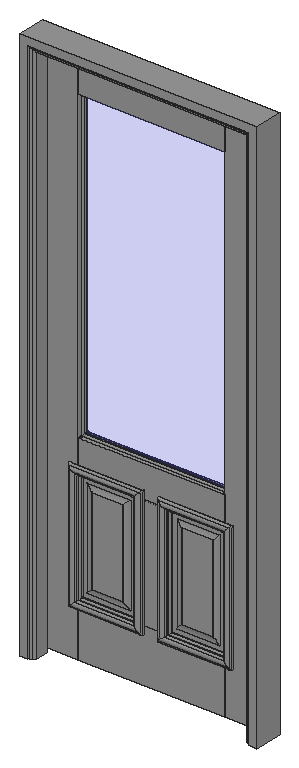
Revit family "H3PHB GTOP", category Doors, host Wall, Revit 2013
Parameters (values of type "H3PHB GTOP")
  Function = Interior
  Frame Projection Ext. = 25 mm
  Frame Projection Int. = 25 mm
  Frame Width = 75 mm
  Height = 2090 mm
  Wall Closure = By host
  Width = 889 mm
Reference planes
  plane 1: y = 0
  plane 2 "Center (Left/Right)": x = 0
  plane 3 "Left": x = -444.5
  plane 4 "Right": x = 444.5
  plane 5: z = 2090
  plane 6 "Exterior": y = 75
  plane 7 "Interior": y = -75
Forms (mm)
  Sweep 1, solid, material "Lauan, Meranti"
    path origin (0, 75, 0) x (1, 0, 0) y (0, 0, 1)
      loop
        line (444.5, 0) -> (444.5, 2090) -> (-444.5, 2090) -> (-444.5, 0)
    profile "Van Acht 105x50 Door Frame Routed Profile (Heavy) : Van Acht 105x50 Door Frame Routed Profile (Heavy)" origin (444.5, 75, 1045) x (-1, 0, 0) y (0, -1, 0)
      loop
        line (0, 22.5) -> (38, 22.5) -> (38, 67.5) -> (50, 67.5) -> (50, 112.5)
        arc (50, 112.5) -> (44.957, 114.29) -> (42.17, 118.859) r 8
        line (42.17, 118.859) -> (39, 118.859)
        arc (39, 118.859) -> (35.311, 122.973) -> (30, 124.5) r 10
        line (30, 124.5) -> (30, 127.5) -> (0, 127.5) -> (0, 22.5)
  Extrusion 2, solid, material "Lauan, Meranti"
    sketch origin (0, -85, 0) x (0, 1, 0) y (0, 0, 1)
      loop
        line (132.5, 20) -> (132.5, 221) -> (130.5, 221)
        arc (130.5, 221) -> (128.866, 225.67) -> (124.5, 228) r 6.807
        line (124.5, 228) -> (124.5, 230) -> (122.5, 230) -> (122.5, 215) -> (102.5, 215) -> (102.5, 230) -> (100.5, 230) -> (100.5, 228)
        arc (100.5, 228) -> (96.134, 225.67) -> (94.5, 221) r 6.807
        line (94.5, 221) -> (92.5, 221) -> (92.5, 20) -> (132.5, 20)
      loop
        line (132.5, 644) -> (132.5, 766) -> (130.5, 766)
        arc (130.5, 766) -> (128.866, 770.67) -> (124.5, 773) r 6.807
        line (124.5, 773) -> (124.5, 775) -> (122.5, 775) -> (122.5, 766) -> (92.5, 766) -> (92.5, 644) -> (94.5, 644)
        arc (94.5, 644) -> (96.134, 639.33) -> (100.5, 637) r 6.807
        line (100.5, 637) -> (100.5, 635) -> (102.5, 635) -> (102.5, 650) -> (122.5, 650) -> (122.5, 635) -> (124.5, 635) -> (124.5, 637)
        arc (124.5, 637) -> (128.866, 639.33) -> (130.5, 644) r 6.807
        line (130.5, 644) -> (132.5, 644)
      loop
        line (130.5, 1921) -> (132.5, 1921) -> (132.5, 2052) -> (92.5, 2052) -> (92.5, 1921) -> (122.5, 1921) -> (122.5, 1912) -> (124.5, 1912) -> (124.5, 1914)
        arc (124.5, 1914) -> (128.866, 1916.33) -> (130.5, 1921) r 6.807
    from -275.5 to 275.5
  Extrusion 3, solid, material "Lauan, Meranti"
    sketch origin (0, 0, 0) x (1, 0, 0) y (0, 1, 0)
      loop
        line (-406.5, 47.5) -> (-406.5, 7.5) -> (-275.5, 7.5) -> (-275.5, 9.5)
        arc (-275.5, 9.5) -> (-270.765, 11.06) -> (-268.5, 15.5) r 6.549
        line (-268.5, 15.5) -> (-266.5, 15.5) -> (-266.5, 17.5) -> (-281.5, 17.5) -> (-281.5, 37.5) -> (-266.5, 37.5) -> (-266.5, 39.5) -> (-268.5, 39.5)
        arc (-268.5, 39.5) -> (-270.765, 43.94) -> (-275.5, 45.5) r 6.549
        line (-275.5, 45.5) -> (-275.5, 47.5) -> (-406.5, 47.5)
      loop
        line (406.5, 47.5) -> (275.5, 47.5) -> (275.5, 45.5)
        arc (275.5, 45.5) -> (270.765, 43.94) -> (268.5, 39.5) r 6.549
        line (268.5, 39.5) -> (266.5, 39.5) -> (266.5, 37.5) -> (281.5, 37.5) -> (281.5, 17.5) -> (266.5, 17.5) -> (266.5, 15.5) -> (268.5, 15.5)
        arc (268.5, 15.5) -> (270.765, 11.06) -> (275.5, 9.5) r 6.549
        line (275.5, 9.5) -> (275.5, 7.5) -> (406.5, 7.5) -> (406.5, 47.5)
    from 20 to 766
  Extrusion 4, solid, material "Lauan, Meranti"
    sketch origin (0, 0, 0) x (1, 0, 0) y (0, 1, 0)
      loop
        line (-406.5, 47.5) -> (-406.5, 7.5) -> (-275.5, 7.5) -> (-275.5, 37.5) -> (-266.5, 37.5) -> (-266.5, 39.5) -> (-268.5, 39.5)
        arc (-268.5, 39.5) -> (-270.765, 43.94) -> (-275.5, 45.5) r 6.549
        line (-275.5, 45.5) -> (-275.5, 47.5) -> (-406.5, 47.5)
      loop
        line (406.5, 47.5) -> (275.5, 47.5) -> (275.5, 45.5)
        arc (275.5, 45.5) -> (270.765, 43.94) -> (268.5, 39.5) r 6.549
        line (268.5, 39.5) -> (266.5, 39.5) -> (266.5, 37.5) -> (275.5, 37.5) -> (275.5, 7.5) -> (406.5, 7.5) -> (406.5, 47.5)
    from 766 to 2052
  Extrusion 5, solid, material "Glass"
    sketch origin (0, -75, 0) x (1, 0, 0) y (0, 0, 1)
      loop
        line (-275.5, 1921) -> (-275.5, 766) -> (275.5, 766) -> (275.5, 1921) -> (-275.5, 1921)
    from -112.5 to -106.1
  Sweep 6, solid, material "Lauan, Meranti"
    path origin (0, -75, 0) x (1, 0, 0) y (0, 0, 1)
      loop
        line (-275.5, 1921) -> (-275.5, 766) -> (275.5, 766) -> (275.5, 1921) -> (-275.5, 1921)
    profile origin (0, -75, 1921) x (0, 0, 1) y (0, -1, 0)
      loop
        line (-9, -106.1) -> (0, -106.1) -> (0, -98.1)
        arc (0, -98.1) -> (-4.67, -99.734) -> (-7, -104.1) r 6.807
        line (-7, -104.1) -> (-9, -104.1) -> (-9, -106.1)
  Extrusion 7, solid, material "Lauan, Meranti"
    sketch origin (0, 0, 0) x (1, 0, 0) y (0, 1, 0)
      loop
        line (61, 47.5) -> (-61, 47.5) -> (-61, 45.5)
        arc (-61, 45.5) -> (-65.735, 43.94) -> (-68, 39.5) r 6.549
        line (-68, 39.5) -> (-70, 39.5) -> (-70, 37.5) -> (-55, 37.5) -> (-55, 17.5) -> (-70, 17.5) -> (-70, 15.5) -> (-68, 15.5)
        arc (-68, 15.5) -> (-65.735, 11.06) -> (-61, 9.5) r 6.549
        line (-61, 9.5) -> (-61, 7.5) -> (61, 7.5) -> (61, 9.5)
        arc (61, 9.5) -> (65.735, 11.06) -> (68, 15.5) r 6.549
        line (68, 15.5) -> (70, 15.5) -> (70, 17.5) -> (55, 17.5) -> (55, 37.5) -> (70, 37.5) -> (70, 39.5) -> (68, 39.5)
        arc (68, 39.5) -> (65.735, 43.94) -> (61, 45.5) r 6.549
        line (61, 45.5) -> (61, 47.5)
    from 221 to 644
  Sweep 8, solid, material "Lauan, Meranti"
    path origin (336.5, 75, 0) x (1, 0, 0) y (0, 0, 1)
      loop
        line (-61, 644) -> (-275.5, 644) -> (-275.5, 221) -> (-61, 221) -> (-61, 644)
    profile origin (168.25, 75, 644) x (0, 0, -1) y (0, -1, 0)
      loop
        line (-4.5, 57.5) -> (-4.5, 37.5) -> (25.727, 37.5)
        arc (25.727, 37.5) -> (37.468, 35.847) -> (48.5, 31.5) r 50.456
        line (48.5, 31.5) -> (48.5, 63.5)
        arc (48.5, 63.5) -> (37.468, 59.153) -> (25.727, 57.5) r 50.456
        line (25.727, 57.5) -> (-4.5, 57.5)
  Extrusion 9, solid, material "Lauan, Meranti"
    sketch origin (336.5, 75, 0) x (1, 0, 0) y (0, 0, 1)
      loop
        line (-109.5, 595.5) -> (-227, 595.5) -> (-227, 269.5) -> (-109.5, 269.5) -> (-109.5, 595.5)
    from 31.5 to 63.5
  Sweep 10, solid, material "Lauan, Meranti"
    path origin (208.394, 75, -1205.291) x (1, 0, 0) y (0, 0, 1)
      loop
        line (67.106, 1849.291) -> (-147.394, 1849.291) -> (-147.394, 1426.291) -> (67.106, 1426.291) -> (67.106, 1849.291)
    profile origin (168.25, 75, 644) x (0, 0, -1) y (0, -1, 0)
      loop
        arc (-31, 24) -> (-29.096, 19.404) -> (-24.5, 17.5) r 6.5
        arc (-24.5, 17.5) -> (-15.5, 13.5) -> (-6.5, 17.5) r 12.125
        arc (-6.5, 17.5) -> (-1.904, 19.404) -> (0, 24) r 6.5
        line (0, 24) -> (0, 27.5) -> (-31, 27.5) -> (-31, 24)
  Sweep 11, solid, material "Lauan, Meranti"
    path origin (208.394, -20, -1205.291) x (1, 0, 0) y (0, 0, -1)
      loop
        line (67.106, -1849.291) -> (67.106, -1426.291) -> (-147.394, -1426.291) -> (-147.394, -1849.291) -> (67.106, -1849.291)
    profile origin (168.25, -20, 644) x (0, 0, 1) y (0, 1, 0)
      loop
        line (31, 24) -> (31, 27.5) -> (0, 27.5) -> (0, 24)
        arc (0, 24) -> (1.904, 19.404) -> (6.5, 17.5) r 6.5
        arc (6.5, 17.5) -> (15.5, 13.5) -> (24.5, 17.5) r 12.125
        arc (24.5, 17.5) -> (29.096, 19.404) -> (31, 24) r 6.5
  Sweep 12, solid, material "Lauan, Meranti"
    path origin (0, 75, 0) x (1, 0, 0) y (0, 0, 1)
      loop
        line (-61, 644) -> (-275.5, 644) -> (-275.5, 221) -> (-61, 221) -> (-61, 644)
    profile origin (-168.25, 75, 644) x (0, 0, -1) y (0, -1, 0)
      loop
        line (-4.5, 57.5) -> (-4.5, 37.5) -> (25.727, 37.5)
        arc (25.727, 37.5) -> (37.468, 35.847) -> (48.5, 31.5) r 50.456
        line (48.5, 31.5) -> (48.5, 63.5)
        arc (48.5, 63.5) -> (37.468, 59.153) -> (25.727, 57.5) r 50.456
        line (25.727, 57.5) -> (-4.5, 57.5)
  Extrusion 13, solid, material "Lauan, Meranti"
    sketch origin (0, 75, 0) x (1, 0, 0) y (0, 0, 1)
      loop
        line (-109.5, 595.5) -> (-227, 595.5) -> (-227, 269.5) -> (-109.5, 269.5) -> (-109.5, 595.5)
    from 31.5 to 63.5
  Sweep 14, solid, material "Lauan, Meranti"
    path origin (-128.106, 75, -1205.291) x (1, 0, 0) y (0, 0, 1)
      loop
        line (67.106, 1849.291) -> (-147.394, 1849.291) -> (-147.394, 1426.291) -> (67.106, 1426.291) -> (67.106, 1849.291)
    profile origin (-168.25, 75, 644) x (0, 0, -1) y (0, -1, 0)
      loop
        arc (-31, 24) -> (-29.096, 19.404) -> (-24.5, 17.5) r 6.5
        arc (-24.5, 17.5) -> (-15.5, 13.5) -> (-6.5, 17.5) r 12.125
        arc (-6.5, 17.5) -> (-1.904, 19.404) -> (0, 24) r 6.5
        line (0, 24) -> (0, 27.5) -> (-31, 27.5) -> (-31, 24)
  Sweep 15, solid, material "Lauan, Meranti"
    path origin (-128.106, -20, -1205.291) x (1, 0, 0) y (0, 0, -1)
      loop
        line (67.106, -1849.291) -> (67.106, -1426.291) -> (-147.394, -1426.291) -> (-147.394, -1849.291) -> (67.106, -1849.291)
    profile origin (-168.25, -20, 644) x (0, 0, 1) y (0, 1, 0)
      loop
        line (31, 24) -> (31, 27.5) -> (0, 27.5) -> (0, 24)
        arc (0, 24) -> (1.904, 19.404) -> (6.5, 17.5) r 6.5
        arc (6.5, 17.5) -> (15.5, 13.5) -> (24.5, 17.5) r 12.125
        arc (24.5, 17.5) -> (29.096, 19.404) -> (31, 24) r 6.5
Cuts and joins
  joined: Extrusion 3, Extrusion 4
Lines and regions (mm)
  Opening 1
    outline origin (-3050, -75, 0) x (1, 0, 0) y (0, 0, 1)
      loop
        line (2605.5, 0) -> (3494.5, 0) -> (3494.5, 2090) -> (2605.5, 2090) -> (2605.5, 0)
  symbolic lines, style "Elevation Swing"
    curve 1: line (444.5, -75, 1045) -> (-444.5, -75, 2090)
    curve 2: line (444.5, -75, 1045) -> (-444.5, -75, 0)
  model lines
    curve 3: line (406.5, 52.5, 0) -> (406.5, 865.5, 0)
    curve 4: arc (-406.5, 52.5, 0) -> (-168.378, 627.378, 0) -> (406.5, 865.5, 0) r 813
Text (mm)
  text "Exterior" at (-2295.016, 1099.543, 0), in view "Ref. Level"
  text "Exterior" at (0, 1615.38, 3698.081), in view "Left"
  text "Exterior" at (0, 1036.032, 3874.932), in view "Right"
Dimensions and locks
  equal spacing: plane 3 "Left", plane 2 "Center (Left/Right)", plane 4 "Right"
  "Width": plane 3 "Left" to plane 4 "Right"
  "Height": plane 5 to host wall
  equal spacing: host wall, curve 2, plane 5
  host wall to plane 5 = 2090 mm
  locked: plane 6 "Exterior" to host wall at 0
  locked: plane 7 "Interior" to host wall
  plane 3 "Left" to plane 4 "Right" = 889 mm
  Sweep 1 to Sweep 1 = 813 mm
  Extrusion 3 to Sweep 1 = 2032 mm
  aligned and locked: plane 3 "Left" to Opening 1 sketch curve
  aligned and locked: plane 5 to Opening 1 sketch curve  (x2)
  aligned and locked: Opening 1 sketch curve to plane 4 "Right"
  aligned and locked: Opening 1 sketch curve to level
  aligned and locked: plane 5 to curve 1
  aligned and locked: plane 3 "Left" to curve 2
  aligned and locked: plane 1 to host wall
  aligned and locked: plane 3 "Left" to curve 1
Automatic sketch dimensions
  plane 4 "Right" to curve 2 = 0 mm
  curve 2 to level = 0 mm
  plane 3 "Left" to Sweep 1 sketch curve = 0 mm
  plane 4 "Right" to Sweep 1 sketch curve = 0 mm
  Sweep 1 sketch curve to plane 5 = 0 mm
  Sweep 1 sketch curve to level = 0 mm  (x2)
  Extrusion 2 sketch curve to host wall = 7.5 mm  (x3)
  level to Extrusion 2 sketch curve = 20 mm
  Extrusion 2 sketch curve to Extrusion 2 sketch curve = 2 mm  (x17)
  Extrusion 2 sketch curve to Extrusion 2 sketch curve = 6 mm  (x6)
  Extrusion 2 sketch curve to Extrusion 2 sketch curve = 30 mm  (x2)
  Extrusion 2 sketch curve to Extrusion 2 sketch curve = 20 mm  (x2)
  Extrusion 2 sketch curve to Extrusion 2 sketch curve = 8 mm  (x2)
  Extrusion 2 sketch curve to Extrusion 2 sketch curve = 1.197 mm  (x6)
  Extrusion 2 sketch curve to Extrusion 2 sketch curve = 195 mm
  Extrusion 2 sketch curve to Extrusion 2 sketch curve = 7 mm  (x6)
  Extrusion 2 sketch curve to Extrusion 2 sketch curve = 405 mm
  Extrusion 2 sketch curve to Extrusion 2 sketch curve = 0 mm  (x2)
  Extrusion 2 sketch curve to Extrusion 2 sketch curve = 6.241 mm
  Extrusion 2 sketch curve to Extrusion 2 sketch curve = 116 mm
  plane 5 to Extrusion 2 sketch curve = 178 mm
  Extrusion 2 sketch curve to Extrusion 2 sketch curve = 0.241 mm
  plane 5 to Extrusion 2 sketch curve = 38 mm
  Extrusion 3 sketch curve to host wall = 7.5 mm  (x2)
  Extrusion 3 sketch curve to plane 3 "Left" = 38 mm
  Extrusion 3 sketch curve to host wall = 37.5 mm  (x2)
  Extrusion 3 sketch curve to Extrusion 3 sketch curve = 125 mm
  Extrusion 3 sketch curve to Extrusion 3 sketch curve = 6 mm  (x7)
  Extrusion 3 sketch curve to Extrusion 3 sketch curve = 7 mm  (x4)
  Extrusion 3 sketch curve to Extrusion 3 sketch curve = 2 mm  (x11)
  plane 4 "Right" to Extrusion 3 sketch curve = 178 mm
  Extrusion 3 sketch curve to Extrusion 3 sketch curve = 0 mm
  plane 4 "Right" to Extrusion 3 sketch curve = 38 mm
  Extrusion 3 sketch curve to Extrusion 3 sketch curve = 0.473 mm  (x3)
  Extrusion 3 sketch curve to Extrusion 3 sketch curve = 6.527 mm
  Extrusion 3 sketch curve to Extrusion 3 sketch curve = 1.468 mm
  plane 4 "Right" to curve 3 = 38 mm
  host wall to curve 3 = 790.5 mm
  curve 4 to host wall = 22.5 mm
  curve 3 to curve 4 = 0 mm
  Extrusion 4 sketch curve to host wall = 7.5 mm  (x2)
  Extrusion 4 sketch curve to plane 3 "Left" = 38 mm
  Extrusion 4 sketch curve to host wall = 37.5 mm  (x2)
  Extrusion 4 sketch curve to Extrusion 4 sketch curve = 131 mm
  Extrusion 4 sketch curve to Extrusion 4 sketch curve = 0 mm
  Extrusion 4 sketch curve to Extrusion 4 sketch curve = 7 mm  (x2)
  Extrusion 4 sketch curve to Extrusion 4 sketch curve = 2 mm  (x5)
  plane 4 "Right" to Extrusion 4 sketch curve = 178 mm
  Extrusion 4 sketch curve to Extrusion 4 sketch curve = 9 mm
  plane 4 "Right" to Extrusion 4 sketch curve = 38 mm
  Extrusion 4 sketch curve to Extrusion 4 sketch curve = 0.473 mm  (x2)
  Extrusion 4 sketch curve to Extrusion 4 sketch curve = 8 mm  (x2)
  Extrusion 4 sketch curve to host wall = 27.5 mm
  Extrusion 5 sketch curve to plane 2 "Center (Left/Right)" = 275.5 mm
  level to Extrusion 5 sketch curve = 766 mm
  plane 4 "Right" to Extrusion 5 sketch curve = 169 mm
  plane 5 to Extrusion 5 sketch curve = 169 mm
  profile plane to Sweep 6 sketch curve = 0 mm
  profile plane to Sweep 6 sketch curve = 9 mm
  Sweep 6 sketch curve to plane 7 "Interior" = 106.1 mm
  Sweep 6 sketch curve to Sweep 6 sketch curve = 2 mm  (x2)
  profile plane to Sweep 6 sketch curve = 0.241 mm
  Sweep 6 sketch curve to Sweep 6 sketch curve = 8 mm
  Extrusion 7 sketch curve to host wall = 35.5 mm
  Extrusion 7 sketch curve to plane 2 "Center (Left/Right)" = 70 mm
  Extrusion 7 sketch curve to host wall = 7.5 mm
  Extrusion 7 sketch curve to Extrusion 7 sketch curve = 0 mm
  Extrusion 7 sketch curve to Extrusion 7 sketch curve = 2 mm  (x11)
  Extrusion 7 sketch curve to Extrusion 7 sketch curve = 7 mm  (x4)
  Extrusion 7 sketch curve to Extrusion 7 sketch curve = 6 mm  (x6)
  Extrusion 7 sketch curve to host wall = 17.5 mm
  plane 2 "Center (Left/Right)" to Extrusion 7 sketch curve = 55 mm
  Extrusion 7 sketch curve to Extrusion 7 sketch curve = 6.527 mm  (x3)
  Extrusion 7 sketch curve to Extrusion 7 sketch curve = 0.473 mm
  Extrusion 7 sketch curve to Extrusion 7 sketch curve = 20 mm
  plane 2 "Center (Left/Right)" to Sweep 8 sketch curve = 61 mm
  level to Sweep 8 sketch curve = 221 mm
  plane 4 "Right" to Sweep 8 sketch curve = 169 mm
  Sweep 8 sketch curve to Sweep 8 sketch curve = 423 mm
  profile plane to Sweep 8 sketch curve = 4.5 mm
  plane 6 "Exterior" to Sweep 8 sketch curve = 31.5 mm
  Sweep 8 sketch curve to profile plane = 25.727 mm
  Sweep 8 sketch curve to Sweep 8 sketch curve = 0 mm
  Sweep 8 sketch curve to Sweep 8 sketch curve = 22.773 mm
  Sweep 8 sketch curve to profile plane = 24.613 mm  (x2)
  plane 6 "Exterior" to Sweep 8 sketch curve = 37.5 mm
  Sweep 8 sketch curve to Sweep 8 sketch curve = 20 mm
  Sweep 8 sketch curve to Sweep 8 sketch curve = 6 mm
  plane 2 "Center (Left/Right)" to Extrusion 9 sketch curve = 109.5 mm
  level to Extrusion 9 sketch curve = 269.5 mm
  Extrusion 9 sketch curve to Extrusion 9 sketch curve = 117.5 mm
  Extrusion 9 sketch curve to Extrusion 9 sketch curve = 326 mm
  plane 2 "Center (Left/Right)" to Sweep 10 sketch curve = 61 mm
  level to Sweep 10 sketch curve = 221 mm
  plane 4 "Right" to Sweep 10 sketch curve = 169 mm
  Sweep 10 sketch curve to Sweep 10 sketch curve = 423 mm
  Sweep 10 sketch curve to profile plane = 0 mm
  profile plane to Sweep 10 sketch curve = 24 mm
  profile plane to Sweep 10 sketch curve = 31 mm
  Sweep 10 sketch curve to Sweep 10 sketch curve = 6.5 mm
  Sweep 10 sketch curve to Sweep 10 sketch curve = 9 mm
  profile plane to Sweep 10 sketch curve = 6.5 mm
  Sweep 10 sketch curve to Sweep 10 sketch curve = 3.5 mm
  Sweep 10 sketch curve to Sweep 10 sketch curve = 1.625 mm
  plane 2 "Center (Left/Right)" to Sweep 11 sketch curve = 61 mm
  level to Sweep 11 sketch curve = 644 mm
  plane 4 "Right" to Sweep 11 sketch curve = 169 mm
  level to Sweep 11 sketch curve = 221 mm
  profile plane to Sweep 11 sketch curve = 0 mm
  profile plane to Sweep 11 sketch curve = 24 mm
  Sweep 11 sketch curve to profile plane = 31 mm
  Sweep 11 sketch curve to profile plane = 6.5 mm
  Sweep 11 sketch curve to Sweep 11 sketch curve = 9 mm
  Sweep 11 sketch curve to Sweep 11 sketch curve = 6.5 mm
  Sweep 11 sketch curve to Sweep 11 sketch curve = 3.5 mm
  Sweep 11 sketch curve to Sweep 11 sketch curve = 1.625 mm
  Sweep 12 sketch curve to plane 3 "Left" = 169 mm
  Sweep 12 sketch curve to plane 2 "Center (Left/Right)" = 61 mm
  level to Sweep 12 sketch curve = 221 mm
  Sweep 12 sketch curve to Sweep 12 sketch curve = 423 mm
  profile plane to Sweep 12 sketch curve = 4.5 mm
  plane 6 "Exterior" to Sweep 12 sketch curve = 31.5 mm
  Sweep 12 sketch curve to profile plane = 25.727 mm
  Sweep 12 sketch curve to Sweep 12 sketch curve = 0 mm
  Sweep 12 sketch curve to Sweep 12 sketch curve = 22.773 mm
  Sweep 12 sketch curve to profile plane = 24.613 mm  (x2)
  plane 6 "Exterior" to Sweep 12 sketch curve = 37.5 mm
  Sweep 12 sketch curve to Sweep 12 sketch curve = 20 mm
  Sweep 12 sketch curve to Sweep 12 sketch curve = 6 mm
  Extrusion 13 sketch curve to plane 3 "Left" = 217.5 mm
  Extrusion 13 sketch curve to plane 2 "Center (Left/Right)" = 109.5 mm
  level to Extrusion 13 sketch curve = 269.5 mm
  Extrusion 13 sketch curve to Extrusion 13 sketch curve = 326 mm
  Sweep 14 sketch curve to plane 3 "Left" = 169 mm
  Sweep 14 sketch curve to plane 2 "Center (Left/Right)" = 61 mm
  level to Sweep 14 sketch curve = 221 mm
  Sweep 14 sketch curve to Sweep 14 sketch curve = 423 mm
  Sweep 14 sketch curve to profile plane = 0 mm
  profile plane to Sweep 14 sketch curve = 24 mm
  profile plane to Sweep 14 sketch curve = 31 mm
  Sweep 14 sketch curve to Sweep 14 sketch curve = 6.5 mm
  Sweep 14 sketch curve to Sweep 14 sketch curve = 9 mm
  profile plane to Sweep 14 sketch curve = 6.5 mm
  Sweep 14 sketch curve to Sweep 14 sketch curve = 3.5 mm
  Sweep 14 sketch curve to Sweep 14 sketch curve = 1.625 mm
  Sweep 15 sketch curve to plane 3 "Left" = 169 mm
  level to Sweep 15 sketch curve = 644 mm
  Sweep 15 sketch curve to plane 2 "Center (Left/Right)" = 61 mm
  level to Sweep 15 sketch curve = 221 mm
  profile plane to Sweep 15 sketch curve = 0 mm
  profile plane to Sweep 15 sketch curve = 24 mm
  Sweep 15 sketch curve to profile plane = 31 mm
  Sweep 15 sketch curve to profile plane = 6.5 mm
  Sweep 15 sketch curve to Sweep 15 sketch curve = 9 mm
  Sweep 15 sketch curve to Sweep 15 sketch curve = 6.5 mm
  Sweep 15 sketch curve to Sweep 15 sketch curve = 3.5 mm
  Sweep 15 sketch curve to Sweep 15 sketch curve = 1.625 mm
  Sweep 6 sketch curve to plane 3 "Left" = 169 mm
  level to Sweep 6 sketch curve = 766 mm
  plane 4 "Right" to Sweep 6 sketch curve = 169 mm
  plane 5 to Sweep 6 sketch curve = 169 mm
